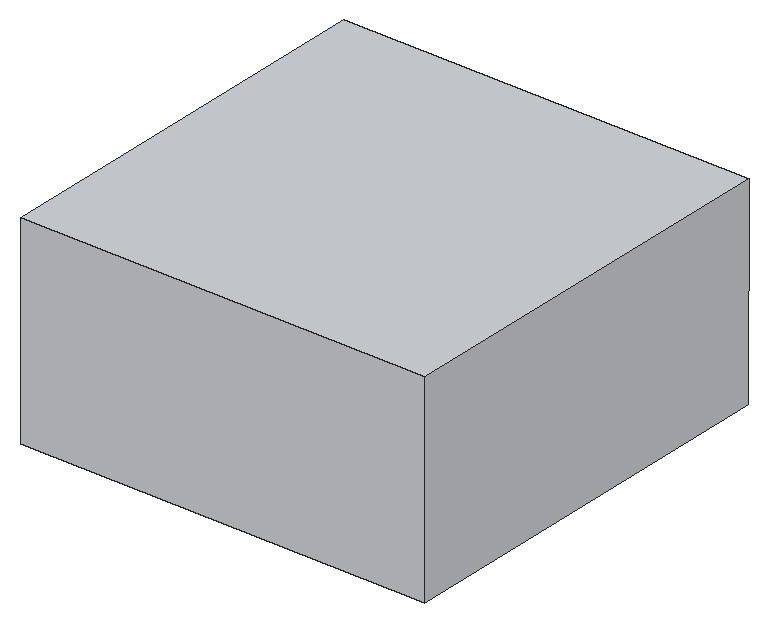
Revit family "Junction Box", category Electrical Fixtures, host Face, Revit 2025
Family settings
  Host = Face
  Round Connector Dimension = Use Diameter
  Part Type = Junction Box
  Cut with Voids When Loaded = No
  Maintain Annotation Orientation = Yes
  Shared = No
  Room Calculation Point = No
Parameters
  Width = 3"
  Height = 3"
  Depth - Top = Depth * 2 / 3  # 1"
  Depth - Back = Depth * 1 / 3  # 1/2"
  Depth = 1 1/2"
  Default Elevation = 48"
Reference planes (in)
  plane 1 "Center (Front/Back)": y = 0
  plane 2: z = 0
  plane 3 "Center (Left/Right)": x = 0
  plane 4: z = 1
  plane 5 "base": z = -0.5
Forms (in)
  Extrusion 1, solid
    sketch origin (0, 0, -0.5) x (-1, 0, 0) y (0, -1, 0)
      loop
        line (1.5, -1.5) -> (1.5, 1.5) -> (-1.5, 1.5) -> (-1.5, -1.5) -> (1.5, -1.5)
    from 0 to 1.5
Dimensions and locks (in)
  equal spacing: Extrusion 1 sketch curve, plane 3 "Center (Left/Right)", Extrusion 1 sketch curve
  "Width": Extrusion 1 sketch curve to Extrusion 1 sketch curve
  "Height": Extrusion 1 sketch curve to Extrusion 1 sketch curve
  equal spacing: Extrusion 1 sketch curve, plane 1 "Center (Front/Back)", Extrusion 1 sketch curve
  "Depth - Back": plane 2 to plane 5 "base"
  "Depth - Top": plane 4 to plane 2
  aligned and locked: plane 2 to host face
  aligned and locked: level to host face
  aligned and locked: plane 4 to Extrusion 1
Automatic sketch dimensions
  host sketch curve to host sketch curve = 96"  (x2)
Nested families (in)
  nested 1: "Annotation" at (0, 2.875, 0), type "Standard"
Connectors (in)
  electrical at (0, 0, 1)
    settings: on Extrusion 1, index 1, voltage 0 V, apparent load 0 VA, apparent load phase1 0 VA, apparent load phase2 0 VA, apparent load phase3 0 VA, power factor 1, load classification "Other", number of poles 1, system type 31, power factor state 1, is connector primary yes, connector utility no, sub classification motor no, connector description ""
Definition of nested family "Annotation"
  Reference planes (in)
    plane 1: y = 0
    plane 2: x = 0
  Lines and regions (in)
    detail lines
      curve 1: circle (0, 0, 0) r 0.125 normal (0, 0, 1)
  Text (in)
    text "J" at (-0.04715, 0.09824, 0)
